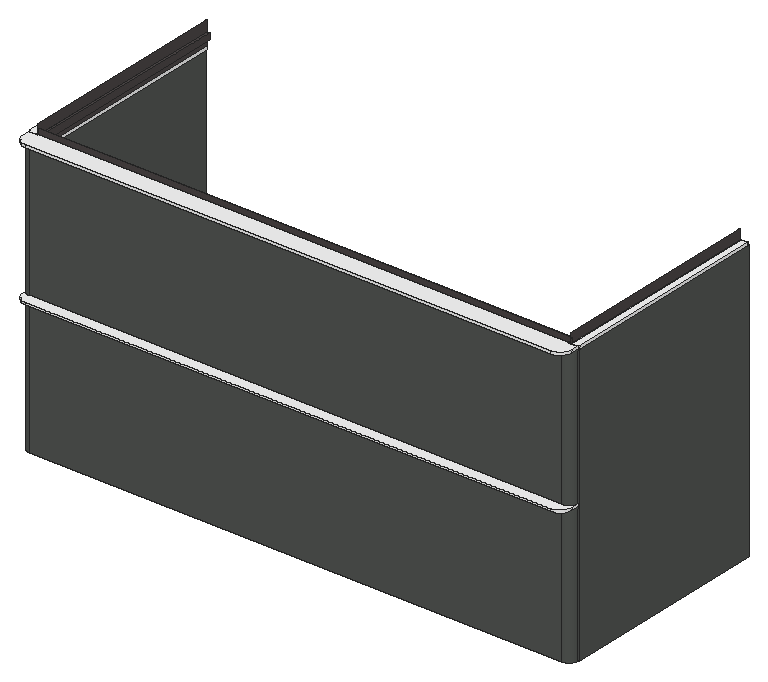
Revit family "vanity unit with 2 drawers", category Furniture, Revit 2019 (continued)
  Vanity unit 1180_475 with 2 drawers for washbasin-54036700-Diamond Matt Grey-MATT_WHITE-200 | "45.5" | no | no | no | no | no | no | no | no | no | no | no | no | no | no | no | no | no | no | no | no | no | no | no | no | no | no | no | no | no | no | no | no | no | no | no | no | no | no | no | no | no | no | no | no | no | no | no | no | no | no | no | no | no | no | no | no | no | no | no | no | no | no | no | no | no | no | no | no | no | no | no | no | no | no | no | no | no | no | no | no | no | no | no | no | no | no | no | no | no | no | no | no | no | no | no | no | no | no | no | no | no | no | no | no | no | no | no | no | no | yes | no | no | no | no | no | no | no | no | no | no | "MATT_WHITE" | "https://pro.hansgrohe.com/articledetail--54036000" | "54036XXX" | "Diamond Matt Grey" | "Vanity unit 1180/475 with 2 drawers for washbasin-54036700-Diamond Matt Grey-MATT_WHITE-200" | "Xelu Q Vanity unit Diamond Matt Grey 1180/475 with 2 drawers for washbasin" | "Vanity unit 1180/475 with 2 drawers for washbasin-54036700-Diamond Matt Grey-MATT_WHITE-200" | "{$CADENAS_DATA/23d-libs/hansgrohe/xelu_furniture/vanity_unit_2_drawers_basin/vanity_unit_with_2_drawers_for_basin.prj},351 {VTYP=3D},{NB=Vanity unit 1180/475 with 2 drawers for washbasin-54036700-Diamond Matt Grey-MATT_WHITE-200},{LINA=Vanity unit 1180/475 with 2 drawers for washbasin-54036700-Diamond Matt Grey-MATT_WHITE-200},{NN=Vanity Unit with 2 Drawers},{DATE=10.03.2023 08:13:12},{GEOMDATE=08.03.2023 13:51:26},{VERSION=},{LINEID=530},{WBVAR=LODLEVEL},{WBNUMERIC=}  {NB=Vanity unit 1180/475 with 2 drawers for washbasin-54036700-Diamond Matt Grey-MATT_WHITE-200},{LINA=Vanity unit 1180/475 with 2 drawers for washbasin-54036700-Diamond Matt Grey-MATT_WHITE-200},{KT=DUMMY},{IDNR=53},{ARTNR=54036700},{BASENUMBER=Vanity unit 1180/475 with 2 drawers for washbasin},{MODEL=54036XXX},{OBERFLAECHE=Diamond Matt Grey},{SURFACE=MATT_WHITE},{L=1180},{LODLEVEL=200},{LODLEVELX='400','400','200','200'},{NAME=Xelu Q Vanity unit Diamond Matt Grey 1180/475 with 2 drawers for washbasin},{PERMALINK=54036XXX},{OBJECTTYPE=Object (single object)},{BIMOBJECT=Sanitary: Compound units},{PRODUCTFAMILY=Xelu Q},{PRODUCTGROUP=vanity unit},{WEIGHT=45.5},{DESCRIPTION=Xelu Q Vanity unit Diamond Matt Grey 1180/475 with 2 drawers for washbasin},{SPECIFICATION=},{PRODUCTURL=https://pro.hansgrohe.com/articledetail--54036000},{GTINCODE=4059625455777},{TENDERURL=},{IFC=Furnishing element},{ETIM=EC011381 | Bathroom furniture set},{UNICLASS2015=Pr_40_30_78_05 | Bathroom furniture},{OMNICLASS=23-21 19 15 33 13 | Residential Bathroom Specialty Casework},{MASTERFORMAT=12 35 30.23 | Bathroom Casework},{UNSPSC=56 | Furniture and Furnishings},{UNIFORMATII=E2010 | Fixed Furnishings},{REGIONSET=Worldwide},{DESIGN=Germany},{MANUFACTURER=Germany}" | "200" | "Vanity unit 1180/475 with 2 drawers for washbasin-54036700-Diamond Matt Grey-MATT_WHITE-200" | 1180 | "4059625455777" | "Vanity unit 1180/475 with 2 drawers for washbasin" | "54036700"
  Vanity unit 1180_475 with 2 drawers for washbasin-54036700-Diamond Matt Grey-MATT_WHITE-400 | "45.5" | no | no | no | no | no | no | no | no | no | no | no | no | no | no | no | no | no | no | no | no | no | no | no | no | no | no | no | no | no | no | no | no | no | no | no | no | no | no | no | no | no | no | no | no | no | no | no | no | no | no | no | no | no | no | no | no | no | no | no | no | no | no | no | no | no | no | no | no | no | no | no | no | no | no | no | no | no | no | no | no | no | no | no | no | no | no | no | no | no | no | no | no | no | no | no | no | no | no | no | no | no | no | no | no | no | no | no | no | yes | no | no | no | no | no | no | no | no | no | no | no | "MATT_WHITE" | "https://pro.hansgrohe.com/articledetail--54036000" | "54036XXX" | "Diamond Matt Grey" | "Vanity unit 1180/475 with 2 drawers for washbasin-54036700-Diamond Matt Grey-MATT_WHITE-400" | "Xelu Q Vanity unit Diamond Matt Grey 1180/475 with 2 drawers for washbasin" | "Vanity unit 1180/475 with 2 drawers for washbasin-54036700-Diamond Matt Grey-MATT_WHITE-400" | "{$CADENAS_DATA/23d-libs/hansgrohe/xelu_furniture/vanity_unit_2_drawers_basin/vanity_unit_with_2_drawers_for_basin.prj},351 {VTYP=3D},{NB=Vanity unit 1180/475 with 2 drawers for washbasin-54036700-Diamond Matt Grey-MATT_WHITE-400},{LINA=Vanity unit 1180/475 with 2 drawers for washbasin-54036700-Diamond Matt Grey-MATT_WHITE-400},{NN=Vanity Unit with 2 Drawers},{DATE=10.03.2023 08:13:12},{GEOMDATE=08.03.2023 13:51:26},{VERSION=},{LINEID=530},{WBVAR=LODLEVEL},{WBNUMERIC=}  {NB=Vanity unit 1180/475 with 2 drawers for washbasin-54036700-Diamond Matt Grey-MATT_WHITE-400},{LINA=Vanity unit 1180/475 with 2 drawers for washbasin-54036700-Diamond Matt Grey-MATT_WHITE-400},{KT=DUMMY},{IDNR=53},{ARTNR=54036700},{BASENUMBER=Vanity unit 1180/475 with 2 drawers for washbasin},{MODEL=54036XXX},{OBERFLAECHE=Diamond Matt Grey},{SURFACE=MATT_WHITE},{L=1180},{LODLEVEL=400},{LODLEVELX='400','400','200','200'},{NAME=Xelu Q Vanity unit Diamond Matt Grey 1180/475 with 2 drawers for washbasin},{PERMALINK=54036XXX},{OBJECTTYPE=Object (single object)},{BIMOBJECT=Sanitary: Compound units},{PRODUCTFAMILY=Xelu Q},{PRODUCTGROUP=vanity unit},{WEIGHT=45.5},{DESCRIPTION=Xelu Q Vanity unit Diamond Matt Grey 1180/475 with 2 drawers for washbasin},{SPECIFICATION=},{PRODUCTURL=https://pro.hansgrohe.com/articledetail--54036000},{GTINCODE=4059625455777},{TENDERURL=},{IFC=Furnishing element},{ETIM=EC011381 | Bathroom furniture set},{UNICLASS2015=Pr_40_30_78_05 | Bathroom furniture},{OMNICLASS=23-21 19 15 33 13 | Residential Bathroom Specialty Casework},{MASTERFORMAT=12 35 30.23 | Bathroom Casework},{UNSPSC=56 | Furniture and Furnishings},{UNIFORMATII=E2010 | Fixed Furnishings},{REGIONSET=Worldwide},{DESIGN=Germany},{MANUFACTURER=Germany}" | "400" | "Vanity unit 1180/475 with 2 drawers for washbasin-54036700-Diamond Matt Grey-MATT_WHITE-400" | 1180 | "4059625455777" | "Vanity unit 1180/475 with 2 drawers for washbasin" | "54036700"
  Vanity unit 1180_475 with 2 drawers for washbasin-54037000-Natural Oak-CHROME-200 | "45.5" | no | no | no | no | no | no | no | no | no | no | no | no | no | no | no | no | no | no | no | no | no | no | no | no | no | no | no | no | no | no | no | no | no | no | no | no | no | no | no | no | no | no | no | no | no | no | no | no | no | no | no | no | no | no | no | no | no | no | no | no | no | no | no | no | no | no | no | no | no | no | no | no | no | no | no | no | no | no | no | no | no | no | no | no | no | no | no | no | no | no | no | no | no | no | no | no | no | no | no | no | no | no | no | no | no | no | no | yes | no | no | no | no | no | no | no | no | no | no | no | no | "CHROME" | "https://pro.hansgrohe.com/articledetail--54037000" | "54037XXX" | "Natural Oak" | "Vanity unit 1180/475 with 2 drawers for washbasin-54037000-Natural Oak-CHROME-200" | "Xelu Q Vanity unit Natural Oak 1180/475 with 2 drawers for washbasin" | "Vanity unit 1180/475 with 2 drawers for washbasin-54037000-Natural Oak-CHROME-200" | "{$CADENAS_DATA/23d-libs/hansgrohe/xelu_furniture/vanity_unit_2_drawers_basin/vanity_unit_with_2_drawers_for_basin.prj},331 {VTYP=3D},{NB=Vanity unit 1180/475 with 2 drawers for washbasin-54037000-Natural Oak-CHROME-200},{LINA=Vanity unit 1180/475 with 2 drawers for washbasin-54037000-Natural Oak-CHROME-200},{NN=Vanity Unit with 2 Drawers},{DATE=10.03.2023 08:13:12},{GEOMDATE=08.03.2023 13:51:26},{VERSION=},{LINEID=570},{WBVAR=LODLEVEL},{WBNUMERIC=}  {NB=Vanity unit 1180/475 with 2 drawers for washbasin-54037000-Natural Oak-CHROME-200},{LINA=Vanity unit 1180/475 with 2 drawers for washbasin-54037000-Natural Oak-CHROME-200},{KT=DUMMY},{IDNR=57},{ARTNR=54037000},{BASENUMBER=Vanity unit 1180/475 with 2 drawers for washbasin},{MODEL=54037XXX},{OBERFLAECHE=Natural Oak},{SURFACE=CHROME},{L=1180},{LODLEVEL=200},{LODLEVELX='400','400','200','200'},{NAME=Xelu Q Vanity unit Natural Oak 1180/475 with 2 drawers for washbasin},{PERMALINK=54037XXX},{OBJECTTYPE=Object (single object)},{BIMOBJECT=Sanitary: Compound units},{PRODUCTFAMILY=Xelu Q},{PRODUCTGROUP=vanity unit},{WEIGHT=45.5},{DESCRIPTION=Xelu Q Vanity unit Natural Oak 1180/475 with 2 drawers for washbasin},{SPECIFICATION=},{PRODUCTURL=https://pro.hansgrohe.com/articledetail--54037000},{GTINCODE=4059625455746},{TENDERURL=},{IFC=Furnishing element},{ETIM=EC011381 | Bathroom furniture set},{UNICLASS2015=Pr_40_30_78_05 | Bathroom furniture},{OMNICLASS=23-21 19 15 33 13 | Residential Bathroom Specialty Casework},{MASTERFORMAT=12 35 30.23 | Bathroom Casework},{UNSPSC=56 | Furniture and Furnishings},{UNIFORMATII=E2010 | Fixed Furnishings},{REGIONSET=Worldwide},{DESIGN=Germany},{MANUFACTURER=Germany}" | "200" | "Vanity unit 1180/475 with 2 drawers for washbasin-54037000-Natural Oak-CHROME-200" | 1180 | "4059625455746" | "Vanity unit 1180/475 with 2 drawers for washbasin" | "54037000"
  Vanity unit 1180_475 with 2 drawers for washbasin-54037000-Natural Oak-CHROME-400 | "45.5" | no | no | no | no | no | no | no | no | no | no | no | no | no | no | no | no | no | no | no | no | no | no | no | no | no | no | no | no | no | no | no | no | no | no | no | no | no | no | no | no | no | no | no | no | no | no | no | no | no | no | no | no | no | no | no | no | no | no | no | no | no | no | no | no | no | no | no | no | no | no | no | no | no | no | no | no | no | no | no | no | no | no | no | no | no | no | no | no | no | no | no | no | no | no | no | no | no | no | no | no | no | no | no | no | no | no | yes | no | no | no | no | no | no | no | no | no | no | no | no | no | "CHROME" | "https://pro.hansgrohe.com/articledetail--54037000" | "54037XXX" | "Natural Oak" | "Vanity unit 1180/475 with 2 drawers for washbasin-54037000-Natural Oak-CHROME-400" | "Xelu Q Vanity unit Natural Oak 1180/475 with 2 drawers for washbasin" | "Vanity unit 1180/475 with 2 drawers for washbasin-54037000-Natural Oak-CHROME-400" | "{$CADENAS_DATA/23d-libs/hansgrohe/xelu_furniture/vanity_unit_2_drawers_basin/vanity_unit_with_2_drawers_for_basin.prj},331 {VTYP=3D},{NB=Vanity unit 1180/475 with 2 drawers for washbasin-54037000-Natural Oak-CHROME-400},{LINA=Vanity unit 1180/475 with 2 drawers for washbasin-54037000-Natural Oak-CHROME-400},{NN=Vanity Unit with 2 Drawers},{DATE=10.03.2023 08:13:12},{GEOMDATE=08.03.2023 13:51:26},{VERSION=},{LINEID=570},{WBVAR=LODLEVEL},{WBNUMERIC=}  {NB=Vanity unit 1180/475 with 2 drawers for washbasin-54037000-Natural Oak-CHROME-400},{LINA=Vanity unit 1180/475 with 2 drawers for washbasin-54037000-Natural Oak-CHROME-400},{KT=DUMMY},{IDNR=57},{ARTNR=54037000},{BASENUMBER=Vanity unit 1180/475 with 2 drawers for washbasin},{MODEL=54037XXX},{OBERFLAECHE=Natural Oak},{SURFACE=CHROME},{L=1180},{LODLEVEL=400},{LODLEVELX='400','400','200','200'},{NAME=Xelu Q Vanity unit Natural Oak 1180/475 with 2 drawers for washbasin},{PERMALINK=54037XXX},{OBJECTTYPE=Object (single object)},{BIMOBJECT=Sanitary: Compound units},{PRODUCTFAMILY=Xelu Q},{PRODUCTGROUP=vanity unit},{WEIGHT=45.5},{DESCRIPTION=Xelu Q Vanity unit Natural Oak 1180/475 with 2 drawers for washbasin},{SPECIFICATION=},{PRODUCTURL=https://pro.hansgrohe.com/articledetail--54037000},{GTINCODE=4059625455746},{TENDERURL=},{IFC=Furnishing element},{ETIM=EC011381 | Bathroom furniture set},{UNICLASS2015=Pr_40_30_78_05 | Bathroom furniture},{OMNICLASS=23-21 19 15 33 13 | Residential Bathroom Specialty Casework},{MASTERFORMAT=12 35 30.23 | Bathroom Casework},{UNSPSC=56 | Furniture and Furnishings},{UNIFORMATII=E2010 | Fixed Furnishings},{REGIONSET=Worldwide},{DESIGN=Germany},{MANUFACTURER=Germany}" | "400" | "Vanity unit 1180/475 with 2 drawers for washbasin-54037000-Natural Oak-CHROME-400" | 1180 | "4059625455746" | "Vanity unit 1180/475 with 2 drawers for washbasin" | "54037000"
  Vanity unit 1180_475 with 2 drawers for washbasin-54037670-Natural Oak-MATT_BLACK-200 | "45.5" | no | no | no | no | no | no | no | no | no | no | no | no | no | no | no | no | no | no | no | no | no | no | no | no | no | no | no | no | no | no | no | no | no | no | no | no | no | no | no | no | no | no | no | no | no | no | no | no | no | no | no | no | no | no | no | no | no | no | no | no | no | no | no | no | no | no | no | no | no | no | no | no | no | no | no | no | no | no | no | no | no | no | no | no | no | no | no | no | no | no | no | no | no | no | no | no | no | no | no | no | no | no | no | no | no | yes | no | no | no | no | no | no | no | no | no | no | no | no | no | no | "MATT_BLACK" | "https://pro.hansgrohe.com/articledetail--54037000" | "54037XXX" | "Natural Oak" | "Vanity unit 1180/475 with 2 drawers for washbasin-54037670-Natural Oak-MATT_BLACK-200" | "Xelu Q Vanity unit Natural Oak 1180/475 with 2 drawers for washbasin" | "Vanity unit 1180/475 with 2 drawers for washbasin-54037670-Natural Oak-MATT_BLACK-200" | "{$CADENAS_DATA/23d-libs/hansgrohe/xelu_furniture/vanity_unit_2_drawers_basin/vanity_unit_with_2_drawers_for_basin.prj},339 {VTYP=3D},{NB=Vanity unit 1180/475 with 2 drawers for washbasin-54037670-Natural Oak-MATT_BLACK-200},{LINA=Vanity unit 1180/475 with 2 drawers for washbasin-54037670-Natural Oak-MATT_BLACK-200},{NN=Vanity Unit with 2 Drawers},{DATE=10.03.2023 08:13:12},{GEOMDATE=08.03.2023 13:51:26},{VERSION=},{LINEID=560},{WBVAR=LODLEVEL},{WBNUMERIC=}  {NB=Vanity unit 1180/475 with 2 drawers for washbasin-54037670-Natural Oak-MATT_BLACK-200},{LINA=Vanity unit 1180/475 with 2 drawers for washbasin-54037670-Natural Oak-MATT_BLACK-200},{KT=DUMMY},{IDNR=56},{ARTNR=54037670},{BASENUMBER=Vanity unit 1180/475 with 2 drawers for washbasin},{MODEL=54037XXX},{OBERFLAECHE=Natural Oak},{SURFACE=MATT_BLACK},{L=1180},{LODLEVEL=200},{LODLEVELX='400','400','200','200'},{NAME=Xelu Q Vanity unit Natural Oak 1180/475 with 2 drawers for washbasin},{PERMALINK=54037XXX},{OBJECTTYPE=Object (single object)},{BIMOBJECT=Sanitary: Compound units},{PRODUCTFAMILY=Xelu Q},{PRODUCTGROUP=vanity unit},{WEIGHT=45.5},{DESCRIPTION=Xelu Q Vanity unit Natural Oak 1180/475 with 2 drawers for washbasin},{SPECIFICATION=},{PRODUCTURL=https://pro.hansgrohe.com/articledetail--54037000},{GTINCODE=4059625455746},{TENDERURL=},{IFC=Furnishing element},{ETIM=EC011381 | Bathroom furniture set},{UNICLASS2015=Pr_40_30_78_05 | Bathroom furniture},{OMNICLASS=23-21 19 15 33 13 | Residential Bathroom Specialty Casework},{MASTERFORMAT=12 35 30.23 | Bathroom Casework},{UNSPSC=56 | Furniture and Furnishings},{UNIFORMATII=E2010 | Fixed Furnishings},{REGIONSET=Worldwide},{DESIGN=Germany},{MANUFACTURER=Germany}" | "200" | "Vanity unit 1180/475 with 2 drawers for washbasin-54037670-Natural Oak-MATT_BLACK-200" | 1180 | "4059625455746" | "Vanity unit 1180/475 with 2 drawers for washbasin" | "54037670"
  Vanity unit 1180_475 with 2 drawers for washbasin-54037670-Natural Oak-MATT_BLACK-400 | "45.5" | no | no | no | no | no | no | no | no | no | no | no | no | no | no | no | no | no | no | no | no | no | no | no | no | no | no | no | no | no | no | no | no | no | no | no | no | no | no | no | no | no | no | no | no | no | no | no | no | no | no | no | no | no | no | no | no | no | no | no | no | no | no | no | no | no | no | no | no | no | no | no | no | no | no | no | no | no | no | no | no | no | no | no | no | no | no | no | no | no | no | no | no | no | no | no | no | no | no | no | no | no | no | no | no | yes | no | no | no | no | no | no | no | no | no | no | no | no | no | no | no | "MATT_BLACK" | "https://pro.hansgrohe.com/articledetail--54037000" | "54037XXX" | "Natural Oak" | "Vanity unit 1180/475 with 2 drawers for washbasin-54037670-Natural Oak-MATT_BLACK-400" | "Xelu Q Vanity unit Natural Oak 1180/475 with 2 drawers for washbasin" | "Vanity unit 1180/475 with 2 drawers for washbasin-54037670-Natural Oak-MATT_BLACK-400" | "{$CADENAS_DATA/23d-libs/hansgrohe/xelu_furniture/vanity_unit_2_drawers_basin/vanity_unit_with_2_drawers_for_basin.prj},339 {VTYP=3D},{NB=Vanity unit 1180/475 with 2 drawers for washbasin-54037670-Natural Oak-MATT_BLACK-400},{LINA=Vanity unit 1180/475 with 2 drawers for washbasin-54037670-Natural Oak-MATT_BLACK-400},{NN=Vanity Unit with 2 Drawers},{DATE=10.03.2023 08:13:12},{GEOMDATE=08.03.2023 13:51:26},{VERSION=},{LINEID=560},{WBVAR=LODLEVEL},{WBNUMERIC=}  {NB=Vanity unit 1180/475 with 2 drawers for washbasin-54037670-Natural Oak-MATT_BLACK-400},{LINA=Vanity unit 1180/475 with 2 drawers for washbasin-54037670-Natural Oak-MATT_BLACK-400},{KT=DUMMY},{IDNR=56},{ARTNR=54037670},{BASENUMBER=Vanity unit 1180/475 with 2 drawers for washbasin},{MODEL=54037XXX},{OBERFLAECHE=Natural Oak},{SURFACE=MATT_BLACK},{L=1180},{LODLEVEL=400},{LODLEVELX='400','400','200','200'},{NAME=Xelu Q Vanity unit Natural Oak 1180/475 with 2 drawers for washbasin},{PERMALINK=54037XXX},{OBJECTTYPE=Object (single object)},{BIMOBJECT=Sanitary: Compound units},{PRODUCTFAMILY=Xelu Q},{PRODUCTGROUP=vanity unit},{WEIGHT=45.5},{DESCRIPTION=Xelu Q Vanity unit Natural Oak 1180/475 with 2 drawers for washbasin},{SPECIFICATION=},{PRODUCTURL=https://pro.hansgrohe.com/articledetail--54037000},{GTINCODE=4059625455746},{TENDERURL=},{IFC=Furnishing element},{ETIM=EC011381 | Bathroom furniture set},{UNICLASS2015=Pr_40_30_78_05 | Bathroom furniture},{OMNICLASS=23-21 19 15 33 13 | Residential Bathroom Specialty Casework},{MASTERFORMAT=12 35 30.23 | Bathroom Casework},{UNSPSC=56 | Furniture and Furnishings},{UNIFORMATII=E2010 | Fixed Furnishings},{REGIONSET=Worldwide},{DESIGN=Germany},{MANUFACTURER=Germany}" | "400" | "Vanity unit 1180/475 with 2 drawers for washbasin-54037670-Natural Oak-MATT_BLACK-400" | 1180 | "4059625455746" | "Vanity unit 1180/475 with 2 drawers for washbasin" | "54037670"
  Vanity unit 1180_475 with 2 drawers for washbasin-54037700-Natural Oak-MATT_WHITE-200 | "45.5" | no | no | no | no | no | no | no | no | no | no | no | no | no | no | no | no | no | no | no | no | no | no | no | no | no | no | no | no | no | no | no | no | no | no | no | no | no | no | no | no | no | no | no | no | no | no | no | no | no | no | no | no | no | no | no | no | no | no | no | no | no | no | no | no | no | no | no | no | no | no | no | no | no | no | no | no | no | no | no | no | no | no | no | no | no | no | no | no | no | no | no | no | no | no | no | no | no | no | no | no | no | no | no | yes | no | no | no | no | no | no | no | no | no | no | no | no | no | no | no | no | "MATT_WHITE" | "https://pro.hansgrohe.com/articledetail--54037000" | "54037XXX" | "Natural Oak" | "Vanity unit 1180/475 with 2 drawers for washbasin-54037700-Natural Oak-MATT_WHITE-200" | "Xelu Q Vanity unit Natural Oak 1180/475 with 2 drawers for washbasin" | "Vanity unit 1180/475 with 2 drawers for washbasin-54037700-Natural Oak-MATT_WHITE-200" | "{$CADENAS_DATA/23d-libs/hansgrohe/xelu_furniture/vanity_unit_2_drawers_basin/vanity_unit_with_2_drawers_for_basin.prj},339 {VTYP=3D},{NB=Vanity unit 1180/475 with 2 drawers for washbasin-54037700-Natural Oak-MATT_WHITE-200},{LINA=Vanity unit 1180/475 with 2 drawers for washbasin-54037700-Natural Oak-MATT_WHITE-200},{NN=Vanity Unit with 2 Drawers},{DATE=10.03.2023 08:13:12},{GEOMDATE=08.03.2023 13:51:26},{VERSION=},{LINEID=550},{WBVAR=LODLEVEL},{WBNUMERIC=}  {NB=Vanity unit 1180/475 with 2 drawers for washbasin-54037700-Natural Oak-MATT_WHITE-200},{LINA=Vanity unit 1180/475 with 2 drawers for washbasin-54037700-Natural Oak-MATT_WHITE-200},{KT=DUMMY},{IDNR=55},{ARTNR=54037700},{BASENUMBER=Vanity unit 1180/475 with 2 drawers for washbasin},{MODEL=54037XXX},{OBERFLAECHE=Natural Oak},{SURFACE=MATT_WHITE},{L=1180},{LODLEVEL=200},{LODLEVELX='400','400','200','200'},{NAME=Xelu Q Vanity unit Natural Oak 1180/475 with 2 drawers for washbasin},{PERMALINK=54037XXX},{OBJECTTYPE=Object (single object)},{BIMOBJECT=Sanitary: Compound units},{PRODUCTFAMILY=Xelu Q},{PRODUCTGROUP=vanity unit},{WEIGHT=45.5},{DESCRIPTION=Xelu Q Vanity unit Natural Oak 1180/475 with 2 drawers for washbasin},{SPECIFICATION=},{PRODUCTURL=https://pro.hansgrohe.com/articledetail--54037000},{GTINCODE=4059625455746},{TENDERURL=},{IFC=Furnishing element},{ETIM=EC011381 | Bathroom furniture set},{UNICLASS2015=Pr_40_30_78_05 | Bathroom furniture},{OMNICLASS=23-21 19 15 33 13 | Residential Bathroom Specialty Casework},{MASTERFORMAT=12 35 30.23 | Bathroom Casework},{UNSPSC=56 | Furniture and Furnishings},{UNIFORMATII=E2010 | Fixed Furnishings},{REGIONSET=Worldwide},{DESIGN=Germany},{MANUFACTURER=Germany}" | "200" | "Vanity unit 1180/475 with 2 drawers for washbasin-54037700-Natural Oak-MATT_WHITE-200" | 1180 | "4059625455746" | "Vanity unit 1180/475 with 2 drawers for washbasin" | "54037700"
  Vanity unit 1180_475 with 2 drawers for washbasin-54037700-Natural Oak-MATT_WHITE-400 | "45.5" | no | no | no | no | no | no | no | no | no | no | no | no | no | no | no | no | no | no | no | no | no | no | no | no | no | no | no | no | no | no | no | no | no | no | no | no | no | no | no | no | no | no | no | no | no | no | no | no | no | no | no | no | no | no | no | no | no | no | no | no | no | no | no | no | no | no | no | no | no | no | no | no | no | no | no | no | no | no | no | no | no | no | no | no | no | no | no | no | no | no | no | no | no | no | no | no | no | no | no | no | no | no | yes | no | no | no | no | no | no | no | no | no | no | no | no | no | no | no | no | no | "MATT_WHITE" | "https://pro.hansgrohe.com/articledetail--54037000" | "54037XXX" | "Natural Oak" | "Vanity unit 1180/475 with 2 drawers for washbasin-54037700-Natural Oak-MATT_WHITE-400" | "Xelu Q Vanity unit Natural Oak 1180/475 with 2 drawers for washbasin" | "Vanity unit 1180/475 with 2 drawers for washbasin-54037700-Natural Oak-MATT_WHITE-400" | "{$CADENAS_DATA/23d-libs/hansgrohe/xelu_furniture/vanity_unit_2_drawers_basin/vanity_unit_with_2_drawers_for_basin.prj},339 {VTYP=3D},{NB=Vanity unit 1180/475 with 2 drawers for washbasin-54037700-Natural Oak-MATT_WHITE-400},{LINA=Vanity unit 1180/475 with 2 drawers for washbasin-54037700-Natural Oak-MATT_WHITE-400},{NN=Vanity Unit with 2 Drawers},{DATE=10.03.2023 08:13:12},{GEOMDATE=08.03.2023 13:51:26},{VERSION=},{LINEID=550},{WBVAR=LODLEVEL},{WBNUMERIC=}  {NB=Vanity unit 1180/475 with 2 drawers for washbasin-54037700-Natural Oak-MATT_WHITE-400},{LINA=Vanity unit 1180/475 with 2 drawers for washbasin-54037700-Natural Oak-MATT_WHITE-400},{KT=DUMMY},{IDNR=55},{ARTNR=54037700},{BASENUMBER=Vanity unit 1180/475 with 2 drawers for washbasin},{MODEL=54037XXX},{OBERFLAECHE=Natural Oak},{SURFACE=MATT_WHITE},{L=1180},{LODLEVEL=400},{LODLEVELX='400','400','200','200'},{NAME=Xelu Q Vanity unit Natural Oak 1180/475 with 2 drawers for washbasin},{PERMALINK=54037XXX},{OBJECTTYPE=Object (single object)},{BIMOBJECT=Sanitary: Compound units},{PRODUCTFAMILY=Xelu Q},{PRODUCTGROUP=vanity unit},{WEIGHT=45.5},{DESCRIPTION=Xelu Q Vanity unit Natural Oak 1180/475 with 2 drawers for washbasin},{SPECIFICATION=},{PRODUCTURL=https://pro.hansgrohe.com/articledetail--54037000},{GTINCODE=4059625455746},{TENDERURL=},{IFC=Furnishing element},{ETIM=EC011381 | Bathroom furniture set},{UNICLASS2015=Pr_40_30_78_05 | Bathroom furniture},{OMNICLASS=23-21 19 15 33 13 | Residential Bathroom Specialty Casework},{MASTERFORMAT=12 35 30.23 | Bathroom Casework},{UNSPSC=56 | Furniture and Furnishings},{UNIFORMATII=E2010 | Fixed Furnishings},{REGIONSET=Worldwide},{DESIGN=Germany},{MANUFACTURER=Germany}" | "400" | "Vanity unit 1180/475 with 2 drawers for washbasin-54037700-Natural Oak-MATT_WHITE-400" | 1180 | "4059625455746" | "Vanity unit 1180/475 with 2 drawers for washbasin" | "54037700"
  Vanity unit 1180_475 with 2 drawers for washbasin-54038000-Dark Walnut-CHROME-200 | "45.5" | no | no | no | no | no | no | no | no | no | no | no | no | no | no | no | no | no | no | no | no | no | no | no | no | no | no | no | no | no | no | no | no | no | no | no | no | no | no | no | no | no | no | no | no | no | no | no | no | no | no | no | no | no | no | no | no | no | no | no | no | no | no | no | no | no | no | no | no | no | no | no | no | no | no | no | no | no | no | no | no | no | no | no | no | no | no | no | no | no | no | no | no | no | no | no | no | no | no | no | no | no | yes | no | no | no | no | no | no | no | no | no | no | no | no | no | no | no | no | no | no | "CHROME" | "https://pro.hansgrohe.com/articledetail--54038000" | "54038XXX" | "Dark Walnut" | "Vanity unit 1180/475 with 2 drawers for washbasin-54038000-Dark Walnut-CHROME-200" | "Xelu Q Vanity unit Dark Walnut 1180/475 with 2 drawers for washbasin" | "Vanity unit 1180/475 with 2 drawers for washbasin-54038000-Dark Walnut-CHROME-200" | "{$CADENAS_DATA/23d-libs/hansgrohe/xelu_furniture/vanity_unit_2_drawers_basin/vanity_unit_with_2_drawers_for_basin.prj},331 {VTYP=3D},{NB=Vanity unit 1180/475 with 2 drawers for washbasin-54038000-Dark Walnut-CHROME-200},{LINA=Vanity unit 1180/475 with 2 drawers for washbasin-54038000-Dark Walnut-CHROME-200},{NN=Vanity Unit with 2 Drawers},{DATE=10.03.2023 08:13:12},{GEOMDATE=08.03.2023 13:51:26},{VERSION=},{LINEID=590},{WBVAR=LODLEVEL},{WBNUMERIC=}  {NB=Vanity unit 1180/475 with 2 drawers for washbasin-54038000-Dark Walnut-CHROME-200},{LINA=Vanity unit 1180/475 with 2 drawers for washbasin-54038000-Dark Walnut-CHROME-200},{KT=DUMMY},{IDNR=59},{ARTNR=54038000},{BASENUMBER=Vanity unit 1180/475 with 2 drawers for washbasin},{MODEL=54038XXX},{OBERFLAECHE=Dark Walnut},{SURFACE=CHROME},{L=1180},{LODLEVEL=200},{LODLEVELX='400','400','200','200'},{NAME=Xelu Q Vanity unit Dark Walnut 1180/475 with 2 drawers for washbasin},{PERMALINK=54038XXX},{OBJECTTYPE=Object (single object)},{BIMOBJECT=Sanitary: Compound units},{PRODUCTFAMILY=Xelu Q},{PRODUCTGROUP=vanity unit},{WEIGHT=45.5},{DESCRIPTION=Xelu Q Vanity unit Dark Walnut 1180/475 with 2 drawers for washbasin},{SPECIFICATION=},{PRODUCTURL=https://pro.hansgrohe.com/articledetail--54038000},{GTINCODE=4059625455715},{TENDERURL=},{IFC=Furnishing element},{ETIM=EC011381 | Bathroom furniture set},{UNICLASS2015=Pr_40_30_78_05 | Bathroom furniture},{OMNICLASS=23-21 19 15 33 13 | Residential Bathroom Specialty Casework},{MASTERFORMAT=12 35 30.23 | Bathroom Casework},{UNSPSC=56 | Furniture and Furnishings},{UNIFORMATII=E2010 | Fixed Furnishings},{REGIONSET=Worldwide},{DESIGN=Germany},{MANUFACTURER=Germany}" | "200" | "Vanity unit 1180/475 with 2 drawers for washbasin-54038000-Dark Walnut-CHROME-200" | 1180 | "4059625455715" | "Vanity unit 1180/475 with 2 drawers for washbasin" | "54038000"
  Vanity unit 1180_475 with 2 drawers for washbasin-54038000-Dark Walnut-CHROME-400 | "45.5" | no | no | no | no | no | no | no | no | no | no | no | no | no | no | no | no | no | no | no | no | no | no | no | no | no | no | no | no | no | no | no | no | no | no | no | no | no | no | no | no | no | no | no | no | no | no | no | no | no | no | no | no | no | no | no | no | no | no | no | no | no | no | no | no | no | no | no | no | no | no | no | no | no | no | no | no | no | no | no | no | no | no | no | no | no | no | no | no | no | no | no | no | no | no | no | no | no | no | no | no | yes | no | no | no | no | no | no | no | no | no | no | no | no | no | no | no | no | no | no | no | "CHROME" | "https://pro.hansgrohe.com/articledetail--54038000" | "54038XXX" | "Dark Walnut" | "Vanity unit 1180/475 with 2 drawers for washbasin-54038000-Dark Walnut-CHROME-400" | "Xelu Q Vanity unit Dark Walnut 1180/475 with 2 drawers for washbasin" | "Vanity unit 1180/475 with 2 drawers for washbasin-54038000-Dark Walnut-CHROME-400" | "{$CADENAS_DATA/23d-libs/hansgrohe/xelu_furniture/vanity_unit_2_drawers_basin/vanity_unit_with_2_drawers_for_basin.prj},331 {VTYP=3D},{NB=Vanity unit 1180/475 with 2 drawers for washbasin-54038000-Dark Walnut-CHROME-400},{LINA=Vanity unit 1180/475 with 2 drawers for washbasin-54038000-Dark Walnut-CHROME-400},{NN=Vanity Unit with 2 Drawers},{DATE=10.03.2023 08:13:12},{GEOMDATE=08.03.2023 13:51:26},{VERSION=},{LINEID=590},{WBVAR=LODLEVEL},{WBNUMERIC=}  {NB=Vanity unit 1180/475 with 2 drawers for washbasin-54038000-Dark Walnut-CHROME-400},{LINA=Vanity unit 1180/475 with 2 drawers for washbasin-54038000-Dark Walnut-CHROME-400},{KT=DUMMY},{IDNR=59},{ARTNR=54038000},{BASENUMBER=Vanity unit 1180/475 with 2 drawers for washbasin},{MODEL=54038XXX},{OBERFLAECHE=Dark Walnut},{SURFACE=CHROME},{L=1180},{LODLEVEL=400},{LODLEVELX='400','400','200','200'},{NAME=Xelu Q Vanity unit Dark Walnut 1180/475 with 2 drawers for washbasin},{PERMALINK=54038XXX},{OBJECTTYPE=Object (single object)},{BIMOBJECT=Sanitary: Compound units},{PRODUCTFAMILY=Xelu Q},{PRODUCTGROUP=vanity unit},{WEIGHT=45.5},{DESCRIPTION=Xelu Q Vanity unit Dark Walnut 1180/475 with 2 drawers for washbasin},{SPECIFICATION=},{PRODUCTURL=https://pro.hansgrohe.com/articledetail--54038000},{GTINCODE=4059625455715},{TENDERURL=},{IFC=Furnishing element},{ETIM=EC011381 | Bathroom furniture set},{UNICLASS2015=Pr_40_30_78_05 | Bathroom furniture},{OMNICLASS=23-21 19 15 33 13 | Residential Bathroom Specialty Casework},{MASTERFORMAT=12 35 30.23 | Bathroom Casework},{UNSPSC=56 | Furniture and Furnishings},{UNIFORMATII=E2010 | Fixed Furnishings},{REGIONSET=Worldwide},{DESIGN=Germany},{MANUFACTURER=Germany}" | "400" | "Vanity unit 1180/475 with 2 drawers for washbasin-54038000-Dark Walnut-CHROME-400" | 1180 | "4059625455715" | "Vanity unit 1180/475 with 2 drawers for washbasin" | "54038000"
  Vanity unit 1180_475 with 2 drawers for washbasin-54038670-Dark Walnut-MATT_BLACK-200 | "45.5" | no | no | no | no | no | no | no | no | no | no | no | no | no | no | no | no | no | no | no | no | no | no | no | no | no | no | no | no | no | no | no | no | no | no | no | no | no | no | no | no | no | no | no | no | no | no | no | no | no | no | no | no | no | no | no | no | no | no | no | no | no | no | no | no | no | no | no | no | no | no | no | no | no | no | no | no | no | no | no | no | no | no | no | no | no | no | no | no | no | no | no | no | no | no | no | no | no | no | no | yes | no | no | no | no | no | no | no | no | no | no | no | no | no | no | no | no | no | no | no | no | "MATT_BLACK" | "https://pro.hansgrohe.com/articledetail--54038000" | "54038XXX" | "Dark Walnut" | "Vanity unit 1180/475 with 2 drawers for washbasin-54038670-Dark Walnut-MATT_BLACK-200" | "Xelu Q Vanity unit Dark Walnut 1180/475 with 2 drawers for washbasin" | "Vanity unit 1180/475 with 2 drawers for washbasin-54038670-Dark Walnut-MATT_BLACK-200" | "{$CADENAS_DATA/23d-libs/hansgrohe/xelu_furniture/vanity_unit_2_drawers_basin/vanity_unit_with_2_drawers_for_basin.prj},339 {VTYP=3D},{NB=Vanity unit 1180/475 with 2 drawers for washbasin-54038670-Dark Walnut-MATT_BLACK-200},{LINA=Vanity unit 1180/475 with 2 drawers for washbasin-54038670-Dark Walnut-MATT_BLACK-200},{NN=Vanity Unit with 2 Drawers},{DATE=10.03.2023 08:13:12},{GEOMDATE=08.03.2023 13:51:26},{VERSION=},{LINEID=580},{WBVAR=LODLEVEL},{WBNUMERIC=}  {NB=Vanity unit 1180/475 with 2 drawers for washbasin-54038670-Dark Walnut-MATT_BLACK-200},{LINA=Vanity unit 1180/475 with 2 drawers for washbasin-54038670-Dark Walnut-MATT_BLACK-200},{KT=DUMMY},{IDNR=58},{ARTNR=54038670},{BASENUMBER=Vanity unit 1180/475 with 2 drawers for washbasin},{MODEL=54038XXX},{OBERFLAECHE=Dark Walnut},{SURFACE=MATT_BLACK},{L=1180},{LODLEVEL=200},{LODLEVELX='400','400','200','200'},{NAME=Xelu Q Vanity unit Dark Walnut 1180/475 with 2 drawers for washbasin},{PERMALINK=54038XXX},{OBJECTTYPE=Object (single object)},{BIMOBJECT=Sanitary: Compound units},{PRODUCTFAMILY=Xelu Q},{PRODUCTGROUP=vanity unit},{WEIGHT=45.5},{DESCRIPTION=Xelu Q Vanity unit Dark Walnut 1180/475 with 2 drawers for washbasin},{SPECIFICATION=},{PRODUCTURL=https://pro.hansgrohe.com/articledetail--54038000},{GTINCODE=4059625455715},{TENDERURL=},{IFC=Furnishing element},{ETIM=EC011381 | Bathroom furniture set},{UNICLASS2015=Pr_40_30_78_05 | Bathroom furniture},{OMNICLASS=23-21 19 15 33 13 | Residential Bathroom Specialty Casework},{MASTERFORMAT=12 35 30.23 | Bathroom Casework},{UNSPSC=56 | Furniture and Furnishings},{UNIFORMATII=E2010 | Fixed Furnishings},{REGIONSET=Worldwide},{DESIGN=Germany},{MANUFACTURER=Germany}" | "200" | "Vanity unit 1180/475 with 2 drawers for washbasin-54038670-Dark Walnut-MATT_BLACK-200" | 1180 | "4059625455715" | "Vanity unit 1180/475 with 2 drawers for washbasin" | "54038670"
  Vanity unit 1180_475 with 2 drawers for washbasin-54038670-Dark Walnut-MATT_BLACK-400 | "45.5" | no | no | no | no | no | no | no | no | no | no | no | no | no | no | no | no | no | no | no | no | no | no | no | no | no | no | no | no | no | no | no | no | no | no | no | no | no | no | no | no | no | no | no | no | no | no | no | no | no | no | no | no | no | no | no | no | no | no | no | no | no | no | no | no | no | no | no | no | no | no | no | no | no | no | no | no | no | no | no | no | no | no | no | no | no | no | no | no | no | no | no | no | no | no | no | no | no | no | yes | no | no | no | no | no | no | no | no | no | no | no | no | no | no | no | no | no | no | no | no | no | "MATT_BLACK" | "https://pro.hansgrohe.com/articledetail--54038000" | "54038XXX" | "Dark Walnut" | "Vanity unit 1180/475 with 2 drawers for washbasin-54038670-Dark Walnut-MATT_BLACK-400" | "Xelu Q Vanity unit Dark Walnut 1180/475 with 2 drawers for washbasin" | "Vanity unit 1180/475 with 2 drawers for washbasin-54038670-Dark Walnut-MATT_BLACK-400" | "{$CADENAS_DATA/23d-libs/hansgrohe/xelu_furniture/vanity_unit_2_drawers_basin/vanity_unit_with_2_drawers_for_basin.prj},339 {VTYP=3D},{NB=Vanity unit 1180/475 with 2 drawers for washbasin-54038670-Dark Walnut-MATT_BLACK-400},{LINA=Vanity unit 1180/475 with 2 drawers for washbasin-54038670-Dark Walnut-MATT_BLACK-400},{NN=Vanity Unit with 2 Drawers},{DATE=10.03.2023 08:13:12},{GEOMDATE=08.03.2023 13:51:26},{VERSION=},{LINEID=580},{WBVAR=LODLEVEL},{WBNUMERIC=}  {NB=Vanity unit 1180/475 with 2 drawers for washbasin-54038670-Dark Walnut-MATT_BLACK-400},{LINA=Vanity unit 1180/475 with 2 drawers for washbasin-54038670-Dark Walnut-MATT_BLACK-400},{KT=DUMMY},{IDNR=58},{ARTNR=54038670},{BASENUMBER=Vanity unit 1180/475 with 2 drawers for washbasin},{MODEL=54038XXX},{OBERFLAECHE=Dark Walnut},{SURFACE=MATT_BLACK},{L=1180},{LODLEVEL=400},{LODLEVELX='400','400','200','200'},{NAME=Xelu Q Vanity unit Dark Walnut 1180/475 with 2 drawers for washbasin},{PERMALINK=54038XXX},{OBJECTTYPE=Object (single object)},{BIMOBJECT=Sanitary: Compound units},{PRODUCTFAMILY=Xelu Q},{PRODUCTGROUP=vanity unit},{WEIGHT=45.5},{DESCRIPTION=Xelu Q Vanity unit Dark Walnut 1180/475 with 2 drawers for washbasin},{SPECIFICATION=},{PRODUCTURL=https://pro.hansgrohe.com/articledetail--54038000},{GTINCODE=4059625455715},{TENDERURL=},{IFC=Furnishing element},{ETIM=EC011381 | Bathroom furniture set},{UNICLASS2015=Pr_40_30_78_05 | Bathroom furniture},{OMNICLASS=23-21 19 15 33 13 | Residential Bathroom Specialty Casework},{MASTERFORMAT=12 35 30.23 | Bathroom Casework},{UNSPSC=56 | Furniture and Furnishings},{UNIFORMATII=E2010 | Fixed Furnishings},{REGIONSET=Worldwide},{DESIGN=Germany},{MANUFACTURER=Germany}" | "400" | "Vanity unit 1180/475 with 2 drawers for washbasin-54038670-Dark Walnut-MATT_BLACK-400" | 1180 | "4059625455715" | "Vanity unit 1180/475 with 2 drawers for washbasin" | "54038670"
  Vanity unit 1180_475 with 2 drawers for washbasin-54038700-Dark Walnut-MATT_WHITE-200 | "45.5" | no | no | no | no | no | no | no | no | no | no | no | no | no | no | no | no | no | no | no | no | no | no | no | no | no | no | no | no | no | no | no | no | no | no | no | no | no | no | no | no | no | no | no | no | no | no | no | no | no | no | no | no | no | no | no | no | no | no | no | no | no | no | no | no | no | no | no | no | no | no | no | no | no | no | no | no | no | no | no | no | no | no | no | no | no | no | no | no | no | no | no | no | no | no | no | no | no | yes | no | no | no | no | no | no | no | no | no | no | no | no | no | no | no | no | no | no | no | no | no | no | "MATT_WHITE" | "https://pro.hansgrohe.com/articledetail--54038000" | "54038XXX" | "Dark Walnut" | "Vanity unit 1180/475 with 2 drawers for washbasin-54038700-Dark Walnut-MATT_WHITE-200" | "Xelu Q Vanity unit Dark Walnut 1180/475 with 2 drawers for washbasin" | "Vanity unit 1180/475 with 2 drawers for washbasin-54038700-Dark Walnut-MATT_WHITE-200" | "{$CADENAS_DATA/23d-libs/hansgrohe/xelu_furniture/vanity_unit_2_drawers_basin/vanity_unit_with_2_drawers_for_basin.prj},339 {VTYP=3D},{NB=Vanity unit 1180/475 with 2 drawers for washbasin-54038700-Dark Walnut-MATT_WHITE-200},{LINA=Vanity unit 1180/475 with 2 drawers for washbasin-54038700-Dark Walnut-MATT_WHITE-200},{NN=Vanity Unit with 2 Drawers},{DATE=10.03.2023 08:13:12},{GEOMDATE=08.03.2023 13:51:26},{VERSION=},{LINEID=600},{WBVAR=LODLEVEL},{WBNUMERIC=}  {NB=Vanity unit 1180/475 with 2 drawers for washbasin-54038700-Dark Walnut-MATT_WHITE-200},{LINA=Vanity unit 1180/475 with 2 drawers for washbasin-54038700-Dark Walnut-MATT_WHITE-200},{KT=DUMMY},{IDNR=60},{ARTNR=54038700},{BASENUMBER=Vanity unit 1180/475 with 2 drawers for washbasin},{MODEL=54038XXX},{OBERFLAECHE=Dark Walnut},{SURFACE=MATT_WHITE},{L=1180},{LODLEVEL=200},{LODLEVELX='400','400','200','200'},{NAME=Xelu Q Vanity unit Dark Walnut 1180/475 with 2 drawers for washbasin},{PERMALINK=54038XXX},{OBJECTTYPE=Object (single object)},{BIMOBJECT=Sanitary: Compound units},{PRODUCTFAMILY=Xelu Q},{PRODUCTGROUP=vanity unit},{WEIGHT=45.5},{DESCRIPTION=Xelu Q Vanity unit Dark Walnut 1180/475 with 2 drawers for washbasin},{SPECIFICATION=},{PRODUCTURL=https://pro.hansgrohe.com/articledetail--54038000},{GTINCODE=4059625455715},{TENDERURL=},{IFC=Furnishing element},{ETIM=EC011381 | Bathroom furniture set},{UNICLASS2015=Pr_40_30_78_05 | Bathroom furniture},{OMNICLASS=23-21 19 15 33 13 | Residential Bathroom Specialty Casework},{MASTERFORMAT=12 35 30.23 | Bathroom Casework},{UNSPSC=56 | Furniture and Furnishings},{UNIFORMATII=E2010 | Fixed Furnishings},{REGIONSET=Worldwide},{DESIGN=Germany},{MANUFACTURER=Germany}" | "200" | "Vanity unit 1180/475 with 2 drawers for washbasin-54038700-Dark Walnut-MATT_WHITE-200" | 1180 | "4059625455715" | "Vanity unit 1180/475 with 2 drawers for washbasin" | "54038700"
  Vanity unit 1180_475 with 2 drawers for washbasin-54038700-Dark Walnut-MATT_WHITE-400 | "45.5" | no | no | no | no | no | no | no | no | no | no | no | no | no | no | no | no | no | no | no | no | no | no | no | no | no | no | no | no | no | no | no | no | no | no | no | no | no | no | no | no | no | no | no | no | no | no | no | no | no | no | no | no | no | no | no | no | no | no | no | no | no | no | no | no | no | no | no | no | no | no | no | no | no | no | no | no | no | no | no | no | no | no | no | no | no | no | no | no | no | no | no | no | no | no | no | no | yes | no | no | no | no | no | no | no | no | no | no | no | no | no | no | no | no | no | no | no | no | no | no | no | "MATT_WHITE" | "https://pro.hansgrohe.com/articledetail--54038000" | "54038XXX" | "Dark Walnut" | "Vanity unit 1180/475 with 2 drawers for washbasin-54038700-Dark Walnut-MATT_WHITE-400" | "Xelu Q Vanity unit Dark Walnut 1180/475 with 2 drawers for washbasin" | "Vanity unit 1180/475 with 2 drawers for washbasin-54038700-Dark Walnut-MATT_WHITE-400" | "{$CADENAS_DATA/23d-libs/hansgrohe/xelu_furniture/vanity_unit_2_drawers_basin/vanity_unit_with_2_drawers_for_basin.prj},339 {VTYP=3D},{NB=Vanity unit 1180/475 with 2 drawers for washbasin-54038700-Dark Walnut-MATT_WHITE-400},{LINA=Vanity unit 1180/475 with 2 drawers for washbasin-54038700-Dark Walnut-MATT_WHITE-400},{NN=Vanity Unit with 2 Drawers},{DATE=10.03.2023 08:13:12},{GEOMDATE=08.03.2023 13:51:26},{VERSION=},{LINEID=600},{WBVAR=LODLEVEL},{WBNUMERIC=}  {NB=Vanity unit 1180/475 with 2 drawers for washbasin-54038700-Dark Walnut-MATT_WHITE-400},{LINA=Vanity unit 1180/475 with 2 drawers for washbasin-54038700-Dark Walnut-MATT_WHITE-400},{KT=DUMMY},{IDNR=60},{ARTNR=54038700},{BASENUMBER=Vanity unit 1180/475 with 2 drawers for washbasin},{MODEL=54038XXX},{OBERFLAECHE=Dark Walnut},{SURFACE=MATT_WHITE},{L=1180},{LODLEVEL=400},{LODLEVELX='400','400','200','200'},{NAME=Xelu Q Vanity unit Dark Walnut 1180/475 with 2 drawers for washbasin},{PERMALINK=54038XXX},{OBJECTTYPE=Object (single object)},{BIMOBJECT=Sanitary: Compound units},{PRODUCTFAMILY=Xelu Q},{PRODUCTGROUP=vanity unit},{WEIGHT=45.5},{DESCRIPTION=Xelu Q Vanity unit Dark Walnut 1180/475 with 2 drawers for washbasin},{SPECIFICATION=},{PRODUCTURL=https://pro.hansgrohe.com/articledetail--54038000},{GTINCODE=4059625455715},{TENDERURL=},{IFC=Furnishing element},{ETIM=EC011381 | Bathroom furniture set},{UNICLASS2015=Pr_40_30_78_05 | Bathroom furniture},{OMNICLASS=23-21 19 15 33 13 | Residential Bathroom Specialty Casework},{MASTERFORMAT=12 35 30.23 | Bathroom Casework},{UNSPSC=56 | Furniture and Furnishings},{UNIFORMATII=E2010 | Fixed Furnishings},{REGIONSET=Worldwide},{DESIGN=Germany},{MANUFACTURER=Germany}" | "400" | "Vanity unit 1180/475 with 2 drawers for washbasin-54038700-Dark Walnut-MATT_WHITE-400" | 1180 | "4059625455715" | "Vanity unit 1180/475 with 2 drawers for washbasin" | "54038700"
  Vanity unit 480_475 with 2 drawers for handrinse basin-54019000-High Gloss White-CHROME-200 | "25.3" | no | no | no | no | no | no | no | no | no | no | no | no | no | no | no | no | no | no | no | no | no | no | no | no | no | no | no | no | no | no | no | no | no | no | no | no | no | no | no | no | no | no | no | no | no | no | no | no | no | no | no | no | no | no | no | no | no | no | no | no | no | no | no | no | no | no | no | no | no | no | no | no | no | no | no | no | no | no | no | no | no | no | no | no | no | no | no | no | no | no | no | no | no | no | no | yes | no | no | no | no | no | no | no | no | no | no | no | no | no | no | no | no | no | no | no | no | no | no | no | no | "CHROME" | "https://pro.hansgrohe.com/articledetail--54019000" | "54019XXX" | "High Gloss White" | "Vanity unit 480/475 with 2 drawers for handrinse basin-54019000-High Gloss White-CHROME-200" | "Xelu Q Vanity unit High Gloss White 480/475 with 2 drawers for handrinse basin" | "Vanity unit 480/475 with 2 drawers for handrinse basin-54019000-High Gloss White-CHROME-200" | "{$CADENAS_DATA/23d-libs/hansgrohe/xelu_furniture/vanity_unit_2_drawers_basin/vanity_unit_with_2_drawers_for_basin.prj},350 {VTYP=3D},{NB=Vanity unit 480/475 with 2 drawers for handrinse basin-54019000-High Gloss White-CHROME-200},{LINA=Vanity unit 480/475 with 2 drawers for handrinse basin-54019000-High Gloss White-CHROME-200},{NN=Vanity Unit with 2 Drawers},{DATE=10.03.2023 08:13:12},{GEOMDATE=08.03.2023 13:51:26},{VERSION=},{LINEID=10},{WBVAR=LODLEVEL},{WBNUMERIC=}  {NB=Vanity unit 480/475 with 2 drawers for handrinse basin-54019000-High Gloss White-CHROME-200},{LINA=Vanity unit 480/475 with 2 drawers for handrinse basin-54019000-High Gloss White-CHROME-200},{KT=DUMMY},{IDNR=1},{ARTNR=54019000},{BASENUMBER=Vanity unit 480/475 with 2 drawers for handrinse basin},{MODEL=54019XXX},{OBERFLAECHE=High Gloss White},{SURFACE=CHROME},{L=480},{LODLEVEL=200},{LODLEVELX='400','400','200','200'},{NAME=Xelu Q Vanity unit High Gloss White 480/475 with 2 drawers for handrinse basin},{PERMALINK=54019XXX},{OBJECTTYPE=Object (single object)},{BIMOBJECT=Sanitary: Compound units},{PRODUCTFAMILY=Xelu Q},{PRODUCTGROUP=vanity unit},{WEIGHT=25.3},{DESCRIPTION=Xelu Q Vanity unit High Gloss White 480/475 with 2 drawers for handrinse basin},{SPECIFICATION=},{PRODUCTURL=https://pro.hansgrohe.com/articledetail--54019000},{GTINCODE=4059625455289},{TENDERURL=},{IFC=Furnishing element},{ETIM=EC011381 | Bathroom furniture set},{UNICLASS2015=Pr_40_30_78_05 | Bathroom furniture},{OMNICLASS=23-21 19 15 33 13 | Residential Bathroom Specialty Casework},{MASTERFORMAT=12 35 30.23 | Bathroom Casework},{UNSPSC=56 | Furniture and Furnishings},{UNIFORMATII=E2010 | Fixed Furnishings},{REGIONSET=Worldwide},{DESIGN=Germany},{MANUFACTURER=Germany}" | "200" | "Vanity unit 480/475 with 2 drawers for handrinse basin-54019000-High Gloss White-CHROME-200" | 480 | "4059625455289" | "Vanity unit 480/475 with 2 drawers for handrinse basin" | "54019000"
  Vanity unit 480_475 with 2 drawers for handrinse basin-54019000-High Gloss White-CHROME-400 | "25.3" | no | no | no | no | no | no | no | no | no | no | no | no | no | no | no | no | no | no | no | no | no | no | no | no | no | no | no | no | no | no | no | no | no | no | no | no | no | no | no | no | no | no | no | no | no | no | no | no | no | no | no | no | no | no | no | no | no | no | no | no | no | no | no | no | no | no | no | no | no | no | no | no | no | no | no | no | no | no | no | no | no | no | no | no | no | no | no | no | no | no | no | no | no | no | yes | no | no | no | no | no | no | no | no | no | no | no | no | no | no | no | no | no | no | no | no | no | no | no | no | no | "CHROME" | "https://pro.hansgrohe.com/articledetail--54019000" | "54019XXX" | "High Gloss White" | "Vanity unit 480/475 with 2 drawers for handrinse basin-54019000-High Gloss White-CHROME-400" | "Xelu Q Vanity unit High Gloss White 480/475 with 2 drawers for handrinse basin" | "Vanity unit 480/475 with 2 drawers for handrinse basin-54019000-High Gloss White-CHROME-400" | "{$CADENAS_DATA/23d-libs/hansgrohe/xelu_furniture/vanity_unit_2_drawers_basin/vanity_unit_with_2_drawers_for_basin.prj},350 {VTYP=3D},{NB=Vanity unit 480/475 with 2 drawers for handrinse basin-54019000-High Gloss White-CHROME-400},{LINA=Vanity unit 480/475 with 2 drawers for handrinse basin-54019000-High Gloss White-CHROME-400},{NN=Vanity Unit with 2 Drawers},{DATE=10.03.2023 08:13:12},{GEOMDATE=08.03.2023 13:51:26},{VERSION=},{LINEID=10},{WBVAR=LODLEVEL},{WBNUMERIC=}  {NB=Vanity unit 480/475 with 2 drawers for handrinse basin-54019000-High Gloss White-CHROME-400},{LINA=Vanity unit 480/475 with 2 drawers for handrinse basin-54019000-High Gloss White-CHROME-400},{KT=DUMMY},{IDNR=1},{ARTNR=54019000},{BASENUMBER=Vanity unit 480/475 with 2 drawers for handrinse basin},{MODEL=54019XXX},{OBERFLAECHE=High Gloss White},{SURFACE=CHROME},{L=480},{LODLEVEL=400},{LODLEVELX='400','400','200','200'},{NAME=Xelu Q Vanity unit High Gloss White 480/475 with 2 drawers for handrinse basin},{PERMALINK=54019XXX},{OBJECTTYPE=Object (single object)},{BIMOBJECT=Sanitary: Compound units},{PRODUCTFAMILY=Xelu Q},{PRODUCTGROUP=vanity unit},{WEIGHT=25.3},{DESCRIPTION=Xelu Q Vanity unit High Gloss White 480/475 with 2 drawers for handrinse basin},{SPECIFICATION=},{PRODUCTURL=https://pro.hansgrohe.com/articledetail--54019000},{GTINCODE=4059625455289},{TENDERURL=},{IFC=Furnishing element},{ETIM=EC011381 | Bathroom furniture set},{UNICLASS2015=Pr_40_30_78_05 | Bathroom furniture},{OMNICLASS=23-21 19 15 33 13 | Residential Bathroom Specialty Casework},{MASTERFORMAT=12 35 30.23 | Bathroom Casework},{UNSPSC=56 | Furniture and Furnishings},{UNIFORMATII=E2010 | Fixed Furnishings},{REGIONSET=Worldwide},{DESIGN=Germany},{MANUFACTURER=Germany}" | "400" | "Vanity unit 480/475 with 2 drawers for handrinse basin-54019000-High Gloss White-CHROME-400" | 480 | "4059625455289" | "Vanity unit 480/475 with 2 drawers for handrinse basin" | "54019000"
  Vanity unit 480_475 with 2 drawers for handrinse basin-54019670-High Gloss White-MATT_BLACK-200 | "25.3" | no | no | no | no | no | no | no | no | no | no | no | no | no | no | no | no | no | no | no | no | no | no | no | no | no | no | no | no | no | no | no | no | no | no | no | no | no | no | no | no | no | no | no | no | no | no | no | no | no | no | no | no | no | no | no | no | no | no | no | no | no | no | no | no | no | no | no | no | no | no | no | no | no | no | no | no | no | no | no | no | no | no | no | no | no | no | no | no | no | no | no | no | no | yes | no | no | no | no | no | no | no | no | no | no | no | no | no | no | no | no | no | no | no | no | no | no | no | no | no | no | "MATT_BLACK" | "https://pro.hansgrohe.com/articledetail--54019000" | "54019XXX" | "High Gloss White" | "Vanity unit 480/475 with 2 drawers for handrinse basin-54019670-High Gloss White-MATT_BLACK-200" | "Xelu Q Vanity unit High Gloss White 480/475 with 2 drawers for handrinse basin" | "Vanity unit 480/475 with 2 drawers for handrinse basin-54019670-High Gloss White-MATT_BLACK-200" | "{$CADENAS_DATA/23d-libs/hansgrohe/xelu_furniture/vanity_unit_2_drawers_basin/vanity_unit_with_2_drawers_for_basin.prj},358 {VTYP=3D},{NB=Vanity unit 480/475 with 2 drawers for handrinse basin-54019670-High Gloss White-MATT_BLACK-200},{LINA=Vanity unit 480/475 with 2 drawers for handrinse basin-54019670-High Gloss White-MATT_BLACK-200},{NN=Vanity Unit with 2 Drawers},{DATE=10.03.2023 08:13:12},{GEOMDATE=08.03.2023 13:51:26},{VERSION=},{LINEID=20},{WBVAR=LODLEVEL},{WBNUMERIC=}  {NB=Vanity unit 480/475 with 2 drawers for handrinse basin-54019670-High Gloss White-MATT_BLACK-200},{LINA=Vanity unit 480/475 with 2 drawers for handrinse basin-54019670-High Gloss White-MATT_BLACK-200},{KT=DUMMY},{IDNR=2},{ARTNR=54019670},{BASENUMBER=Vanity unit 480/475 with 2 drawers for handrinse basin},{MODEL=54019XXX},{OBERFLAECHE=High Gloss White},{SURFACE=MATT_BLACK},{L=480},{LODLEVEL=200},{LODLEVELX='400','400','200','200'},{NAME=Xelu Q Vanity unit High Gloss White 480/475 with 2 drawers for handrinse basin},{PERMALINK=54019XXX},{OBJECTTYPE=Object (single object)},{BIMOBJECT=Sanitary: Compound units},{PRODUCTFAMILY=Xelu Q},{PRODUCTGROUP=vanity unit},{WEIGHT=25.3},{DESCRIPTION=Xelu Q Vanity unit High Gloss White 480/475 with 2 drawers for handrinse basin},{SPECIFICATION=},{PRODUCTURL=https://pro.hansgrohe.com/articledetail--54019000},{GTINCODE=4059625455289},{TENDERURL=},{IFC=Furnishing element},{ETIM=EC011381 | Bathroom furniture set},{UNICLASS2015=Pr_40_30_78_05 | Bathroom furniture},{OMNICLASS=23-21 19 15 33 13 | Residential Bathroom Specialty Casework},{MASTERFORMAT=12 35 30.23 | Bathroom Casework},{UNSPSC=56 | Furniture and Furnishings},{UNIFORMATII=E2010 | Fixed Furnishings},{REGIONSET=Worldwide},{DESIGN=Germany},{MANUFACTURER=Germany}" | "200" | "Vanity unit 480/475 with 2 drawers for handrinse basin-54019670-High Gloss White-MATT_BLACK-200" | 480 | "4059625455289" | "Vanity unit 480/475 with 2 drawers for handrinse basin" | "54019670"
  Vanity unit 480_475 with 2 drawers for handrinse basin-54019670-High Gloss White-MATT_BLACK-400 | "25.3" | no | no | no | no | no | no | no | no | no | no | no | no | no | no | no | no | no | no | no | no | no | no | no | no | no | no | no | no | no | no | no | no | no | no | no | no | no | no | no | no | no | no | no | no | no | no | no | no | no | no | no | no | no | no | no | no | no | no | no | no | no | no | no | no | no | no | no | no | no | no | no | no | no | no | no | no | no | no | no | no | no | no | no | no | no | no | no | no | no | no | no | no | yes | no | no | no | no | no | no | no | no | no | no | no | no | no | no | no | no | no | no | no | no | no | no | no | no | no | no | no | "MATT_BLACK" | "https://pro.hansgrohe.com/articledetail--54019000" | "54019XXX" | "High Gloss White" | "Vanity unit 480/475 with 2 drawers for handrinse basin-54019670-High Gloss White-MATT_BLACK-400" | "Xelu Q Vanity unit High Gloss White 480/475 with 2 drawers for handrinse basin" | "Vanity unit 480/475 with 2 drawers for handrinse basin-54019670-High Gloss White-MATT_BLACK-400" | "{$CADENAS_DATA/23d-libs/hansgrohe/xelu_furniture/vanity_unit_2_drawers_basin/vanity_unit_with_2_drawers_for_basin.prj},358 {VTYP=3D},{NB=Vanity unit 480/475 with 2 drawers for handrinse basin-54019670-High Gloss White-MATT_BLACK-400},{LINA=Vanity unit 480/475 with 2 drawers for handrinse basin-54019670-High Gloss White-MATT_BLACK-400},{NN=Vanity Unit with 2 Drawers},{DATE=10.03.2023 08:13:12},{GEOMDATE=08.03.2023 13:51:26},{VERSION=},{LINEID=20},{WBVAR=LODLEVEL},{WBNUMERIC=}  {NB=Vanity unit 480/475 with 2 drawers for handrinse basin-54019670-High Gloss White-MATT_BLACK-400},{LINA=Vanity unit 480/475 with 2 drawers for handrinse basin-54019670-High Gloss White-MATT_BLACK-400},{KT=DUMMY},{IDNR=2},{ARTNR=54019670},{BASENUMBER=Vanity unit 480/475 with 2 drawers for handrinse basin},{MODEL=54019XXX},{OBERFLAECHE=High Gloss White},{SURFACE=MATT_BLACK},{L=480},{LODLEVEL=400},{LODLEVELX='400','400','200','200'},{NAME=Xelu Q Vanity unit High Gloss White 480/475 with 2 drawers for handrinse basin},{PERMALINK=54019XXX},{OBJECTTYPE=Object (single object)},{BIMOBJECT=Sanitary: Compound units},{PRODUCTFAMILY=Xelu Q},{PRODUCTGROUP=vanity unit},{WEIGHT=25.3},{DESCRIPTION=Xelu Q Vanity unit High Gloss White 480/475 with 2 drawers for handrinse basin},{SPECIFICATION=},{PRODUCTURL=https://pro.hansgrohe.com/articledetail--54019000},{GTINCODE=4059625455289},{TENDERURL=},{IFC=Furnishing element},{ETIM=EC011381 | Bathroom furniture set},{UNICLASS2015=Pr_40_30_78_05 | Bathroom furniture},{OMNICLASS=23-21 19 15 33 13 | Residential Bathroom Specialty Casework},{MASTERFORMAT=12 35 30.23 | Bathroom Casework},{UNSPSC=56 | Furniture and Furnishings},{UNIFORMATII=E2010 | Fixed Furnishings},{REGIONSET=Worldwide},{DESIGN=Germany},{MANUFACTURER=Germany}" | "400" | "Vanity unit 480/475 with 2 drawers for handrinse basin-54019670-High Gloss White-MATT_BLACK-400" | 480 | "4059625455289" | "Vanity unit 480/475 with 2 drawers for handrinse basin" | "54019670"
  Vanity unit 480_475 with 2 drawers for handrinse basin-54019700-High Gloss White-MATT_WHITE-200 | "25.3" | no | no | no | no | no | no | no | no | no | no | no | no | no | no | no | no | no | no | no | no | no | no | no | no | no | no | no | no | no | no | no | no | no | no | no | no | no | no | no | no | no | no | no | no | no | no | no | no | no | no | no | no | no | no | no | no | no | no | no | no | no | no | no | no | no | no | no | no | no | no | no | no | no | no | no | no | no | no | no | no | no | no | no | no | no | no | no | no | no | no | no | yes | no | no | no | no | no | no | no | no | no | no | no | no | no | no | no | no | no | no | no | no | no | no | no | no | no | no | no | no | "MATT_WHITE" | "https://pro.hansgrohe.com/articledetail--54019000" | "54019XXX" | "High Gloss White" | "Vanity unit 480/475 with 2 drawers for handrinse basin-54019700-High Gloss White-MATT_WHITE-200" | "Xelu Q Vanity unit High Gloss White 480/475 with 2 drawers for handrinse basin" | "Vanity unit 480/475 with 2 drawers for handrinse basin-54019700-High Gloss White-MATT_WHITE-200" | "{$CADENAS_DATA/23d-libs/hansgrohe/xelu_furniture/vanity_unit_2_drawers_basin/vanity_unit_with_2_drawers_for_basin.prj},358 {VTYP=3D},{NB=Vanity unit 480/475 with 2 drawers for handrinse basin-54019700-High Gloss White-MATT_WHITE-200},{LINA=Vanity unit 480/475 with 2 drawers for handrinse basin-54019700-High Gloss White-MATT_WHITE-200},{NN=Vanity Unit with 2 Drawers},{DATE=10.03.2023 08:13:12},{GEOMDATE=08.03.2023 13:51:26},{VERSION=},{LINEID=30},{WBVAR=LODLEVEL},{WBNUMERIC=}  {NB=Vanity unit 480/475 with 2 drawers for handrinse basin-54019700-High Gloss White-MATT_WHITE-200},{LINA=Vanity unit 480/475 with 2 drawers for handrinse basin-54019700-High Gloss White-MATT_WHITE-200},{KT=DUMMY},{IDNR=3},{ARTNR=54019700},{BASENUMBER=Vanity unit 480/475 with 2 drawers for handrinse basin},{MODEL=54019XXX},{OBERFLAECHE=High Gloss White},{SURFACE=MATT_WHITE},{L=480},{LODLEVEL=200},{LODLEVELX='400','400','200','200'},{NAME=Xelu Q Vanity unit High Gloss White 480/475 with 2 drawers for handrinse basin},{PERMALINK=54019XXX},{OBJECTTYPE=Object (single object)},{BIMOBJECT=Sanitary: Compound units},{PRODUCTFAMILY=Xelu Q},{PRODUCTGROUP=vanity unit},{WEIGHT=25.3},{DESCRIPTION=Xelu Q Vanity unit High Gloss White 480/475 with 2 drawers for handrinse basin},{SPECIFICATION=},{PRODUCTURL=https://pro.hansgrohe.com/articledetail--54019000},{GTINCODE=4059625455289},{TENDERURL=},{IFC=Furnishing element},{ETIM=EC011381 | Bathroom furniture set},{UNICLASS2015=Pr_40_30_78_05 | Bathroom furniture},{OMNICLASS=23-21 19 15 33 13 | Residential Bathroom Specialty Casework},{MASTERFORMAT=12 35 30.23 | Bathroom Casework},{UNSPSC=56 | Furniture and Furnishings},{UNIFORMATII=E2010 | Fixed Furnishings},{REGIONSET=Worldwide},{DESIGN=Germany},{MANUFACTURER=Germany}" | "200" | "Vanity unit 480/475 with 2 drawers for handrinse basin-54019700-High Gloss White-MATT_WHITE-200" | 480 | "4059625455289" | "Vanity unit 480/475 with 2 drawers for handrinse basin" | "54019700"
